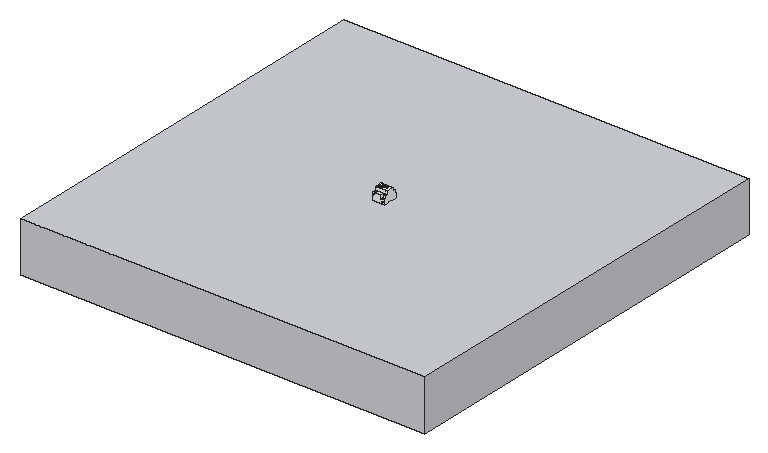
Revit family "Gira_212000", category Elektroinstallationen, Revit 2017
Family settings
  Basisbauteil = Fläche
  Beschriftungsausrichtung beibehalten = Nein
  Bemaßung runder Anschluss = Durchmesser verwenden
  Teiletyp = Normal
  Beim Laden mit Abzugskörper schneiden = Nein
  Gemeinsam genutzt = Nein
  Raumberechnungspunkt = Nein
Parameters (values of type "Spannungsversorgung 160 mA Drossel KNX REG")
  Zusammenstellung = ""
  Zulassung nach PTB = no
  Default Elevation = 1219.2 mm
  Vor Ort-/Handbedienung = no
  Verschiedene Phasen anschließbar = no
  Ventilschutzfunktion = no
  URL = "https://www.gira.de/"
  Typname = "Spannungsversorgung 160 mA Drossel KNX REG"
  Type Comments = ""
  Tarifumschaltung = no
  Stromart = ""
  Stellgröße stetig = no
  Stellgröße schaltend = no
  Schutzart (IP) = ""
  S0 Impulsschnittstelle = ""
  Produktseite = "https://media.stage.bim.site/t/eyJhbGciOiJIUzI1NiIsInR5cCI6IkpXVCJ9.eyJjdCI6MiwidHUiOiJodHRwOi8va2F0YWxvZy5naXJhLmRlL2RlX0RFL2RhdGVuYmxhdHQuaHRtbD9hcnRpa2VsbnI9MjEyMDAwIiwiY2lkIjoiMzI3N2NjMjMtODFhOS00ZWUzLWE5MGEtYjQ3YmI0YzBiNjE2IiwicmlkIjoiN2MyZTkzNzE2YjhjYzVmODMyZTA1M2JkY2FkMjMxZWEiLCJwaWQiOiJmMjI3MzJjMTlmY2ViNzI4NTEwOTU2MGIwY2ZkZDE1MDcyYTY3MWM3Iiwic2lkIjoiNjM0NzAiLCJ1dCI6MSwibGMiOiJkZSIsImlhdCI6MTYwMDkzNzM4OSwiaXNzIjoiaHR0cHM6Ly9hcGkubGl2ZS5iaW0uc2l0ZSIsInN1YiI6ImFkbWluQGJpbXNpdGUuZGV2In0.wxpcSItQFqews8x_qkeihcK64iV82T8rB9X9SfUInrQ"
  Montageart = "REG"
  Modulare Erweiterungsmöglichkeit = no
  Model = ""
  Mit LED-Anzeige = no
  Mit Busankopplung = no
  Max. Schaltstrom = 0 A
  Max. Ausgangsstrom = 0.16 A
  Max. Anzahl der Schaltausgänge = 0
  Max. Anzahl der Jalousieausgänge = 0
  LED ansteuern = no
  Kosten = 0
  Hersteller = "Gira"
  HeinzeBIM = "https://www.heinze.de/bim/spannungsversorgung-160-ma-drossel-knx-reg/f22732c19fceb7285109560b0cfdd15072a671c7"
  Handschaltung = no
  HAN = "212000"
  Geeignet für C-Last = no
  GTIN = "4010337023210"
  Funktion Schalten = no
  Datenblatt 1 = "https://media.stage.bim.site/t/eyJhbGciOiJIUzI1NiIsInR5cCI6IkpXVCJ9.eyJjdCI6MSwidGYiOiJwdWJsaWMvZ2lyYS9hZThjNTU3LzIxMjAwMC50eHQiLCJjaWQiOiIzMjc3Y2MyMy04MWE5LTRlZTMtYTkwYS1iNDdiYjRjMGI2MTYiLCJyaWQiOiI3YzJlOTM3MTZiOGNjNWY4MzJlMDUzYmRjYWQyMzFlYSIsInBpZCI6ImYyMjczMmMxOWZjZWI3Mjg1MTA5NTYwYjBjZmRkMTUwNzJhNjcxYzciLCJzaWQiOiI2MzQ3MCIsInV0IjoxLCJsYyI6ImRlIiwiaWF0IjoxNjAwOTM3Mzg5LCJpc3MiOiJodHRwczovL2FwaS5saXZlLmJpbS5zaXRlIiwic3ViIjoiYWRtaW5AYmltc2l0ZS5kZXYifQ.bvw0pcam4MuaIYxf1zuErxMlwe_hryffqYXjIIYAHcE/212000.txt"
  Datenblatt = "https://media.stage.bim.site/t/eyJhbGciOiJIUzI1NiIsInR5cCI6IkpXVCJ9.eyJjdCI6MSwidHUiOiJodHRwczovL2thdGFsb2cuZ2lyYS5kZS9kZV9ERS9kb3dubG9hZC5odG1sP2FydGlrZWxucj0yMTIwMDAiLCJjaWQiOiIzMjc3Y2MyMy04MWE5LTRlZTMtYTkwYS1iNDdiYjRjMGI2MTYiLCJyaWQiOiI3YzJlOTM3MTZiOGNjNWY4MzJlMDUzYmRjYWQyMzFlYSIsInBpZCI6ImYyMjczMmMxOWZjZWI3Mjg1MTA5NTYwYjBjZmRkMTUwNzJhNjcxYzciLCJzaWQiOiI2MzQ3MCIsInV0IjoxLCJsYyI6ImRlIiwiaWF0IjoxNjAwOTM3Mzg5LCJpc3MiOiJodHRwczovL2FwaS5saXZlLmJpbS5zaXRlIiwic3ViIjoiYWRtaW5AYmltc2l0ZS5kZXYifQ.YLhb7rzKWxnKnmjMyvXys16bBXP3LjqBDJNE4_GnhiM"
  Bussystem Powernet = no
  Bussystem LON = no
  Bussystem KNX-Funk = no
  Bussystem KNX = yes
  Bussystem Funkbus = no
  Busspannung pufferbar = no
  Busfähig = ""
  Breite in Teilungseinheiten = 4
  Blindleistung = no
  Beschreibung = "KNX Spannungsversorgung 160 mA mit integrierter Drossel   Spannungsversorgungen zur Versorgung von KNX Geräten mit Busspannung.  Merkmale:  Ausgang mit integrierter Drossel zur Versorgung von KNX Buslinien.  Ausgang DC 30 V zur Versorgung zusätzlicher Geräte.  Nennstrom beliebig auf die Ausgänge aufteilbar.  Reset-Taster.  Kurzschlussfest.  Überspannungsfest.  Leerlaufsicher.  Geeignet für Betrieb in Anlagen mit Notstromversorgung.  Potenzialfreier Meldekontakt für Betriebs- und Diagnosemeldung.  Zwei typgleiche KNX Spannungsversorgungen zur Leistungserhöhung direkt parallel schaltbar.  Hinweise :  Montage auf DIN-Hutschiene.  VDE-Zulassung gemäß EN 60669-1, EN 60669-2-1."
  Assembly Code = ""
  Keynote = ""
  BIMSITE_PRODUCT_ID = "f22732c19fceb7285109560b0cfdd15072a671c7"
  BIM = "https://media.stage.bim.site/t/eyJhbGciOiJIUzI1NiIsInR5cCI6IkpXVCJ9.eyJjdCI6MSwidGYiOiJwdWJsaWMvZ2lyYS9hZThjNTU3L1JFRyA4Zi5yZmEiLCJjaWQiOiIzMjc3Y2MyMy04MWE5LTRlZTMtYTkwYS1iNDdiYjRjMGI2MTYiLCJyaWQiOiI3YzJlOTM3MTZiOGNjNWY4MzJlMDUzYmRjYWQyMzFlYSIsInBpZCI6ImYyMjczMmMxOWZjZWI3Mjg1MTA5NTYwYjBjZmRkMTUwNzJhNjcxYzciLCJzaWQiOiI2MzQ3MCIsInV0Ijo1LCJsYyI6ImRlIiwiaWF0IjoxNjAwOTM3Mzg5LCJpc3MiOiJodHRwczovL2FwaS5saXZlLmJpbS5zaXRlIiwic3ViIjoiYWRtaW5AYmltc2l0ZS5kZXYifQ.bYDxhh2BAt_4V0tM3BRTzEh9wK0NtUrvMjb_kKRvZwc/REG 8f.rfa"
  Ausgangsstrom [Ampere] = ""
  Ausgangsspannung [Volt] = ""
  Ausführung Text = ""
  Art der Spannungsversorgung = ""
  Anzahl der binären Eingänge = 0
  Anzahl der Eingänge = 0
  Anzahl der Ausgänge = 0
  Anschlussart = ""
  Andere Bussysteme = "sonstige"
Reference planes
  plane 1 "Center (Front/Back)": y = 0
  plane 2: z = 0
  plane 3 "Center (Left/Right)": x = 0
Forms (mm)
  Extrusion 1, solid
    sketch origin (0, 0, 0) x (1, 0, 0) y (0, 1, 0)
      loop
        line (-1219.2, 1219.2) -> (-1219.2, -1219.2) -> (1219.2, -1219.2) -> (1219.2, 1219.2) -> (-1219.2, 1219.2)
    from 0 to -304.8
  Extrusion 2, solid, material "White", detail levels fine
    sketch origin (0, 0, 0) x (0, 1, 0) y (0, 0, 1)
      loop
        line (45.125, -2.619) -> (45.125, 24.95) -> (33.875, 24.95) -> (33.875, 43.8) -> (22.575, 43.8) -> (22.575, 62.05)
        arc (22.575, 62.05) -> (22.311, 62.686) -> (21.675, 62.95) r 0.9
        line (21.675, 62.95) -> (-21.175, 62.95)
        arc (-21.175, 62.95) -> (-21.785, 62.758) -> (-22.175, 62.25) r 1.064
        line (-22.175, 62.25) -> (-22.175, 43.8) -> (-44.725, 43.8) -> (-44.725, -2.619)
        arc (-44.725, -2.619) -> (-31.081, -5.433) -> (-17.243, -7.049) r 160
        line (-17.243, -7.049) -> (-13.165, -1.734) -> (-16.399, -0.807) -> (-16.399, 0) -> (17.8, 0) -> (17.8, -1.4) -> (16.8, -1.4) -> (14.749, -4.952)
        arc (14.749, -4.952) -> (18.64, -6.184) -> (22.7, -6.6) r 20
        arc (22.7, -6.6) -> (33.983, -5.009) -> (45.125, -2.619) r 160
    from -36 to 36
  Extrusion 3, void, detail levels fine
    sketch origin (0, 0, 0) x (1, 0, 0) y (0, 1, 0)
      loop
        circle (30, 26.925) r 2.55
      loop
        circle (21.75, 26.925) r 2.55
      loop
        circle (12.75, 26.925) r 2.55
      loop
        circle (4.5, 26.925) r 2.55
      loop
        circle (-4.5, 26.925) r 2.55
      loop
        circle (-12.75, 26.925) r 2.55
      loop
        circle (-21.75, 26.925) r 2.55
      loop
        circle (-30, 26.925) r 2.55
    from 37.936 to 43.8
  Extrusion 4, void, detail levels fine
    sketch origin (0, 11.25, -18.85) x (1, 0, 0) y (0, 1, 0)
      loop
        circle (30, 26.925) r 2.55
      loop
        circle (21.75, 26.925) r 2.55
      loop
        circle (12.75, 26.925) r 2.55
      loop
        circle (4.5, 26.925) r 2.55
      loop
        circle (-4.5, 26.925) r 2.55
      loop
        circle (-12.75, 26.925) r 2.55
      loop
        circle (-21.75, 26.925) r 2.55
      loop
        circle (-30, 26.925) r 2.55
    from 37.936 to 43.8
  Extrusion 5, void, detail levels fine
    sketch origin (0, 0, 0) x (1, 0, 0) y (0, 1, 0)
      loop
        circle (-13, -3.875) r 3
      loop
        circle (-23, -3.875) r 3
      loop
        circle (-23, -13.875) r 3
      loop
        circle (-13, -13.875) r 3
      loop
        circle (-29, -3.875) r 1.575
      loop
        circle (-29, -13.875) r 1.575
      loop
        circle (-7, -13.875) r 1.575
      loop
        circle (-15.4, 5.325) r 1.625
      loop
        circle (-11, 5.325) r 1.575
      loop
        circle (-6.6, 5.325) r 1.625
      loop
        circle (-2.2, 5.325) r 1.625
      loop
        circle (2.2, 5.325) r 1.625
      loop
        circle (6.6, 5.325) r 1.625
      loop
        circle (11, 5.325) r 1.575
      loop
        circle (15.4, 5.325) r 1.625
    from 58.253 to 62.95
  Extrusion 6, void, detail levels fine
    sketch origin (0, 0, 0) x (1, 0, 0) y (0, 1, 0)
      loop
        line (-32.175, -32.6) -> (-32.175, -34.9) -> (-31.24, -34.36) -> (-31.401, -37.165) -> (-32.175, -36.7) -> (-32.175, -44.875) -> (-20.175, -44.875) -> (-20.175, -37.33) -> (-19.075, -37.965) -> (-19.075, -33.635) -> (-20.175, -34.27) -> (-20.175, -32.6) -> (-32.175, -32.6)
    from 28.5 to 43.8
  Extrusion 7, solid, detail levels fine
    sketch origin (0, 0, 0) x (1, 0, 0) y (0, 1, 0)
      loop
        circle (-29.375, -36.2) r 0.5
      loop
        circle (-23.575, -36.2) r 0.5
    from 28.5 to 37.5
  Extrusion 8, void, detail levels fine
    sketch origin (0, 0, 0) x (1, 0, 0) y (0, 1, 0)
      loop
        line (15.289, -31.489) -> (15.289, -44.875) -> (36, -44.875) -> (36, -31.489) -> (15.289, -31.489)
    from 25 to 43.8
  Extrusion 9, void, detail levels fine
    sketch origin (0, 0, 0) x (1, 0, 0) y (0, 1, 0)
      loop
        circle (21.75, -37.925) r 2.55
      loop
        circle (30, -37.925) r 2.55
    from 19.086 to 24.95
  Extrusion 10, void, detail levels fine
    sketch origin (0, 0, 0) x (1, 0, 0) y (0, 0, 1)
      loop
        line (32.368, 26.75) -> (32.35, 28.865) -> (32.319, 32.45) -> (27.731, 32.45) -> (27.682, 26.75) -> (32.368, 26.75)
      loop
        line (24.118, 26.75) -> (24.1, 28.865) -> (24.069, 32.45) -> (19.481, 32.45) -> (19.432, 26.75) -> (24.118, 26.75)
      loop
        line (15.118, 26.75) -> (15.1, 28.865) -> (15.069, 32.45) -> (10.481, 32.45) -> (10.432, 26.75) -> (15.118, 26.75)
      loop
        line (6.868, 26.75) -> (6.85, 28.865) -> (6.819, 32.45) -> (2.231, 32.45) -> (2.182, 26.75) -> (6.868, 26.75)
      loop
        line (-2.182, 26.75) -> (-2.2, 28.865) -> (-2.231, 32.45) -> (-6.819, 32.45) -> (-6.868, 26.75) -> (-2.182, 26.75)
      loop
        line (-10.432, 26.75) -> (-10.45, 28.865) -> (-10.481, 32.45) -> (-15.069, 32.45) -> (-15.118, 26.75) -> (-10.432, 26.75)
      loop
        line (-19.35, 26.75) -> (-19.369, 28.865) -> (-19.4, 32.45) -> (-23.987, 32.45) -> (-24.037, 26.75) -> (-19.35, 26.75)
      loop
        line (-27.682, 26.75) -> (-27.7, 28.865) -> (-27.731, 32.45) -> (-32.319, 32.45) -> (-32.368, 26.75) -> (-27.682, 26.75)
    from -29.206 to -33.875
  Extrusion 11, void, detail levels fine
    sketch origin (0, 11.25, -19.567) x (1, 0, 0) y (0, 0, 1)
      loop
        line (32.368, 26.75) -> (32.35, 28.865) -> (32.319, 32.45) -> (27.731, 32.45) -> (27.682, 26.75) -> (32.368, 26.75)
      loop
        line (24.118, 26.75) -> (24.1, 28.865) -> (24.069, 32.45) -> (19.481, 32.45) -> (19.432, 26.75) -> (24.118, 26.75)
      loop
        line (15.118, 26.75) -> (15.1, 28.865) -> (15.069, 32.45) -> (10.481, 32.45) -> (10.432, 26.75) -> (15.118, 26.75)
      loop
        line (6.868, 26.75) -> (6.85, 28.865) -> (6.819, 32.45) -> (2.231, 32.45) -> (2.182, 26.75) -> (6.868, 26.75)
      loop
        line (-2.182, 26.75) -> (-2.2, 28.865) -> (-2.231, 32.45) -> (-6.819, 32.45) -> (-6.868, 26.75) -> (-2.182, 26.75)
      loop
        line (-10.432, 26.75) -> (-10.45, 28.865) -> (-10.481, 32.45) -> (-15.069, 32.45) -> (-15.118, 26.75) -> (-10.432, 26.75)
      loop
        line (-19.35, 26.75) -> (-19.369, 28.865) -> (-19.4, 32.45) -> (-23.987, 32.45) -> (-24.037, 26.75) -> (-19.35, 26.75)
      loop
        line (-27.682, 26.75) -> (-27.7, 28.865) -> (-27.731, 32.45) -> (-32.319, 32.45) -> (-32.368, 26.75) -> (-27.682, 26.75)
    from -29.206 to -33.875
  Extrusion 12, void, detail levels fine
    sketch origin (0, 0, 0) x (1, 0, 0) y (0, 0, 1)
      loop
        line (32.319, 12.883) -> (27.731, 12.883) -> (27.682, 7.183) -> (32.368, 7.183) -> (32.35, 9.298) -> (32.319, 12.883)
      loop
        line (24.069, 12.883) -> (19.481, 12.883) -> (19.432, 7.183) -> (24.118, 7.183) -> (24.1, 9.298) -> (24.069, 12.883)
    from 40.588 to 44.725
  Extrusion 13, solid, material "White", detail levels fine
    sketch origin (0, 0, 0) x (1, 0, 0) y (0, 1, 0)
      loop
        circle (-15.4, 5.325) r 1.625
      loop
        circle (-11, 5.325) r 1.575
      loop
        circle (-6.6, 5.325) r 1.625
      loop
        circle (-2.2, 5.325) r 1.625
      loop
        circle (2.2, 5.325) r 1.625
      loop
        circle (6.6, 5.325) r 1.625
      loop
        circle (11, 5.325) r 1.575
      loop
        circle (15.4, 5.325) r 1.625
      loop
        circle (-29, -3.875) r 1.575
      loop
        circle (-29, -13.875) r 1.575
      loop
        circle (-7, -13.875) r 1.575
    from 58.253 to 62.25
  Extrusion 14, solid, material "White", detail levels fine
    sketch origin (0, 0, 0) x (1, 0, 0) y (0, 1, 0)
      loop
        circle (-23, -3.875) r 3
      loop
        circle (-13, -3.875) r 3
      loop
        circle (-23, -13.875) r 3
      loop
        circle (-13, -13.875) r 3
    from 58.253 to 63.841
  Extrusion 15, solid, material "White", detail levels medium
    sketch origin (0, 0, 0) x (0, 1, 0) y (0, 0, 1)
      loop
        line (45.125, -7.049) -> (45.125, 24.95) -> (33.875, 24.95) -> (33.875, 43.8) -> (22.575, 43.8) -> (22.575, 63.841) -> (-22.175, 63.841) -> (-22.175, 43.8) -> (-44.725, 43.8) -> (-44.725, -7.049) -> (45.125, -7.049)
    from -36 to 36
  Extrusion 16, solid, material "White", detail levels coarse
    sketch origin (0, 0, 0) x (0, 1, 0) y (0, 0, 1)
      loop
        line (45.125, -7.049) -> (45.125, 63.841) -> (-44.725, 63.841) -> (-44.725, -7.049) -> (45.125, -7.049)
    from -36 to 36
Cuts and joins
  Extrusion 3, Extrusion 4, Extrusion 5, Extrusion 6, Extrusion 8, Extrusion 9, Extrusion 10, Extrusion 11, Extrusion 12 cuts Extrusion 2
Dimensions and locks
  aligned and locked: plane 2 to Extrusion 1
  aligned and locked: level to Extrusion 1
